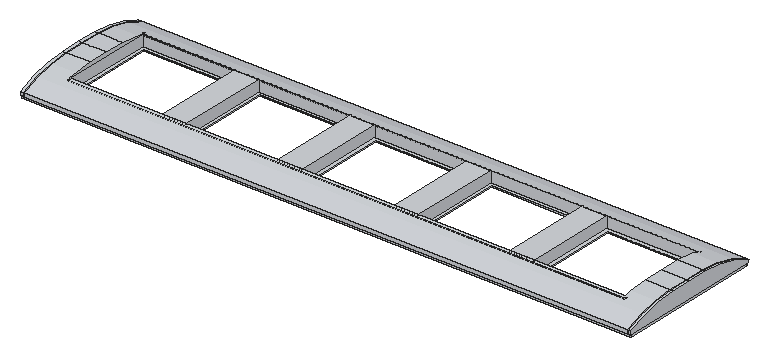
Revit family "Gira_021585", category Electrical Fixtures, host Face, Revit 2017
Family settings
  Host = Face
  Maintain Annotation Orientation = No
  Round Connector Dimension = Use Diameter
  Part Type = Normal
  Cut with Voids When Loaded = No
  Shared = No
  Room Calculation Point = No
Parameters (values of type "Cov.fr. 5-g interm.fr. AN Gira Event Opaque mint")
  With mounting grid = "No"
  With hinged lid = "No"
  URL = "http://katalog.gira.de/en/datenblatt.html?artikelnr=021585"
  Type of fastening = "Clamp mounting"
  Transparent = "No"
  Surface protection = "Other"
  Suitable for wall duct = "No"
  Suitable for flush-mounted installation = "Yes"
  Suitable for floor box = "No"
  Suitable for built-in installation = "No"
  Number of units vertical = "5"
  Number of units horizontal = "5"
  Number of units = "5"
  Name = "Cov.fr. 5-g interm.fr. AN Gira Event Opaque mint"
  Mounting direction = "Horizontal and vertical"
  Material quality = "Thermoplastic"
  Material = "Plastic"
  Manufacturer URL = "https://www.gira.de/"
  Manufacturer = "Gira"
  Label space/information surface = "No"
  Keynote = ""
  HeinzeBIM = "https://bimportal.heinze.de/bim/cov-fr-5-g-interm-fr-an-gira-event-opaque-mint/c9a6f1c13c54e5f231628876d0260919f35d2eb6"
  Halogen free = "Yes"
  HAN = "021585"
  GTIN = "4010337215851"
  Description = "Cov.fr.5g i.fr.AN EvOp MI,Gira Event Opaque frames,mint with anthracite intermediate frame,5-gang,Features:,- Shatter-proof."
  Degree of protection (IP) = "IP20"
  Default Elevation = 1219.2 mm
  Data sheet (1) = "https://katalog.gira.de/en/download.html?artikelnr=021585"
  Colour = "Green"
  Category = "Cover frame for domestic switching devices"
  BIM (1) = "https://media.stage.bim.site/public/gira/36a6b08/Event_Rahmen_5fach.rfa"
  Available = "No"
Reference planes
  plane 1 "Center (Front/Back)": y = 0
  plane 2: z = 0
  plane 3 "Center (Left/Right)": x = 0
Forms (mm)
  Extrusion 1, solid, detail levels fine
    sketch origin (0, 0, 0.05) x (0, 1, 0) y (0, 0, 1)
      loop
        arc (12.445, 9.683) -> (6.223, 9.833) -> (0, 9.85) r 291.636
        arc (0, 9.85) -> (-6.223, 9.833) -> (-12.445, 9.683) r 291.636
        arc (-12.445, 9.683) -> (-29.14, 7.482) -> (-45, 1.823) r 79.728
        line (-45, 1.823) -> (-45, -0.05) -> (-42.086, -0.05)
        arc (-42.086, -0.05) -> (-21.385, 5.559) -> (0, 7.206) r 114.424
        arc (0, 7.206) -> (21.385, 5.559) -> (42.086, -0.05) r 114.424
        line (42.086, -0.05) -> (45, -0.05) -> (45, 1.823)
        arc (45, 1.823) -> (29.14, 7.482) -> (12.445, 9.683) r 79.728
    from -185.578 to 185.593
  Extrusion 2, void, detail levels fine
    sketch origin (0, 0, 0) x (1, 0, 0) y (0, 1, 0)
      loop
        line (170.607, 28) -> (-170.593, 28) -> (-170.593, -28) -> (170.607, -28) -> (170.607, 28)
    from 0.724 to 11
  Extrusion 3, solid, detail levels coarse
    sketch origin (0, 0, 0) x (1, 0, 0) y (0, 1, 0)
      loop
        line (-187.578, 45) -> (-187.578, -45) -> (187.593, -45) -> (187.593, 45) -> (-187.578, 45)
    from -1.5 to 9.9
  Extrusion 4, solid, detail levels medium
    sketch origin (0, 0, 0.05) x (0, 1, 0) y (0, 0, 1)
      loop
        arc (12.445, 9.683) -> (6.223, 9.833) -> (0, 9.85) r 291.636
        arc (0, 9.85) -> (-6.223, 9.833) -> (-12.445, 9.683) r 291.636
        arc (-12.445, 9.683) -> (-29.14, 7.482) -> (-45, 1.823) r 79.728
        line (-45, 1.823) -> (-45, -0.05) -> (45, -0.05) -> (45, 1.823)
        arc (45, 1.823) -> (29.14, 7.482) -> (12.445, 9.683) r 79.728
    from -187.578 to 187.593
  Extrusion 5, solid, detail levels fine
    sketch origin (-142.578, 0, -1.5) x (0, 1, 0) y (0, 0, -1)
      loop
        line (45, -3.373) -> (45, -1.5) -> (-45, -1.5) -> (-45, -3.373)
        arc (-45, -3.373) -> (-29.14, -9.032) -> (-12.445, -11.233) r 79.728
        arc (-12.445, -11.233) -> (-6.223, -11.383) -> (0, -11.4) r 291.636
        arc (0, -11.4) -> (6.223, -11.383) -> (12.445, -11.233) r 291.636
        arc (12.445, -11.233) -> (29.14, -9.032) -> (45, -3.373) r 79.728
    from 43 to 45
  Extrusion 6, solid, detail levels fine
    sketch origin (0, 0, 0) x (1, 0, 0) y (0, 1, 0)
      loop
        line (-168.493, 25.7) -> (-168.493, -25.7) -> (-116.693, -25.7) -> (-116.693, 25.7) -> (-168.493, 25.7)
      loop
        line (-45.398, -25.7) -> (-45.398, 25.7) -> (-97.198, 25.7) -> (-97.198, -25.7) -> (-45.398, -25.7)
      loop
        line (-171.487, 28.49) -> (-171.487, -28.495)
        spline (-171.487, -28.495) -> (-171.479, -28.625) -> (-171.453, -28.754) -> (-171.411, -28.878) -> (-171.353, -28.995) -> (-171.281, -29.104) -> (-171.194, -29.202) -> (-171.096, -29.288) -> (-170.987, -29.361) -> (-170.87, -29.419) -> (-170.746, -29.461) -> (-170.618, -29.486) -> (-170.487, -29.495)
        line (-170.487, -29.495) -> (170.502, -29.495)
        spline (170.502, -29.495) -> (170.633, -29.486) -> (170.761, -29.461) -> (170.885, -29.419) -> (171.002, -29.361) -> (171.111, -29.288) -> (171.209, -29.202) -> (171.296, -29.104) -> (171.368, -28.995) -> (171.426, -28.878) -> (171.468, -28.754) -> (171.494, -28.625) -> (171.502, -28.495)
        line (171.502, -28.495) -> (171.502, 28.49)
        spline (171.502, 28.49) -> (171.494, 28.62) -> (171.468, 28.748) -> (171.426, 28.872) -> (171.368, 28.99) -> (171.296, 29.098) -> (171.209, 29.197) -> (171.111, 29.283) -> (171.002, 29.356) -> (170.885, 29.413) -> (170.761, 29.456) -> (170.633, 29.481) -> (170.502, 29.49)
        line (170.502, 29.49) -> (-170.487, 29.49)
        spline (-170.487, 29.49) -> (-170.618, 29.481) -> (-170.746, 29.456) -> (-170.87, 29.413) -> (-170.987, 29.356) -> (-171.096, 29.283) -> (-171.194, 29.197) -> (-171.281, 29.098) -> (-171.353, 28.99) -> (-171.411, 28.872) -> (-171.453, 28.748) -> (-171.479, 28.62) -> (-171.487, 28.49)
      loop
        line (25.902, -25.7) -> (25.902, 25.7) -> (-25.898, 25.7) -> (-25.898, -25.7) -> (25.902, -25.7)
      loop
        line (97.207, -25.7) -> (97.207, 25.7) -> (45.407, 25.7) -> (45.407, -25.7) -> (97.207, -25.7)
      loop
        line (168.507, -25.7) -> (168.507, 25.7) -> (116.707, 25.7) -> (116.707, -25.7) -> (168.507, -25.7)
    from 0.1 to 7.3
  Extrusion 7, solid
    sketch origin (0, 0, 0) x (1, 0, 0) y (0, 1, 0)
      loop
        arc (-187.293, -44.218) -> (-187.146, -44.572) -> (-186.793, -44.718) r 0.5
        line (-186.793, -44.718) -> (186.807, -44.718)
        arc (186.807, -44.718) -> (187.161, -44.572) -> (187.307, -44.218) r 0.5
        line (187.307, -44.218) -> (187.307, 44.182)
        arc (187.307, 44.182) -> (187.161, 44.535) -> (186.807, 44.682) r 0.5
        line (186.807, 44.682) -> (-186.793, 44.682)
        arc (-186.793, 44.682) -> (-187.146, 44.535) -> (-187.293, 44.182) r 0.5
        line (-187.293, 44.182) -> (-187.293, -44.218)
      loop
        line (-185.593, 42.982) -> (-185.593, -43.018) -> (185.607, -43.018) -> (185.607, 42.982) -> (-185.593, 42.982)
    from -1.5 to 0.5
  Extrusion 8, solid, detail levels fine
    sketch origin (142.593, 0, -1.5) x (0, 1, 0) y (0, 0, 1)
      loop
        arc (45, 3.373) -> (29.14, 9.032) -> (12.445, 11.233) r 79.728
        arc (12.445, 11.233) -> (6.223, 11.383) -> (0, 11.4) r 291.636
        arc (0, 11.4) -> (-6.223, 11.383) -> (-12.445, 11.233) r 291.636
        arc (-12.445, 11.233) -> (-29.14, 9.032) -> (-45, 3.373) r 79.728
        line (-45, 3.373) -> (-45, 1.5) -> (45, 1.5) -> (45, 3.373)
    from 43 to 45
  Extrusion 9, solid, detail levels medium
    sketch origin (0, 0, 0) x (1, 0, 0) y (0, 1, 0)
      loop
        line (-187.293, -44.718) -> (187.307, -44.718) -> (187.307, 44.682) -> (-187.293, 44.682) -> (-187.293, -44.718)
    from -1.5 to 0.5
  Extrusion 10, solid, detail levels fine
    sketch origin (-105.5, 0, 0) x (1, 0, 0) y (0, 1, 0)
      loop
        line (-8.943, 28.063) -> (-8.943, -27.937) -> (6.057, -27.937) -> (6.057, 28.063) -> (-8.943, 28.063)
    from 0.724 to 7.566
  Extrusion 11, solid, detail levels fine
    sketch origin (-37.085, 0, 0) x (-1, 0, 0) y (0, -1, 0)
      loop
        line (-8.943, -28.063) -> (6.057, -28.063) -> (6.057, 27.937) -> (-8.943, 27.937) -> (-8.943, -28.063)
    from 0.724 to 7.566
  Extrusion 12, solid, detail levels fine
    sketch origin (105.5, 0, 0) x (-1, 0, 0) y (0, -1, 0)
      loop
        line (-8.943, -28.063) -> (6.057, -28.063) -> (6.057, 27.937) -> (-8.943, 27.937) -> (-8.943, -28.063)
    from 0.724 to 7.566
  Extrusion 13, solid, detail levels fine
    sketch origin (37.085, 0, 0) x (1, 0, 0) y (0, 1, 0)
      loop
        line (-8.943, 28.063) -> (-8.943, -27.937) -> (6.057, -27.937) -> (6.057, 28.063) -> (-8.943, 28.063)
    from 0.724 to 7.566
Cuts and joins
  Extrusion 2 cuts Extrusion 1
  Extrusion 2 cuts Extrusion 6
Dimensions and locks
  aligned and locked: plane 2 to host face
  aligned and locked: level to host face
